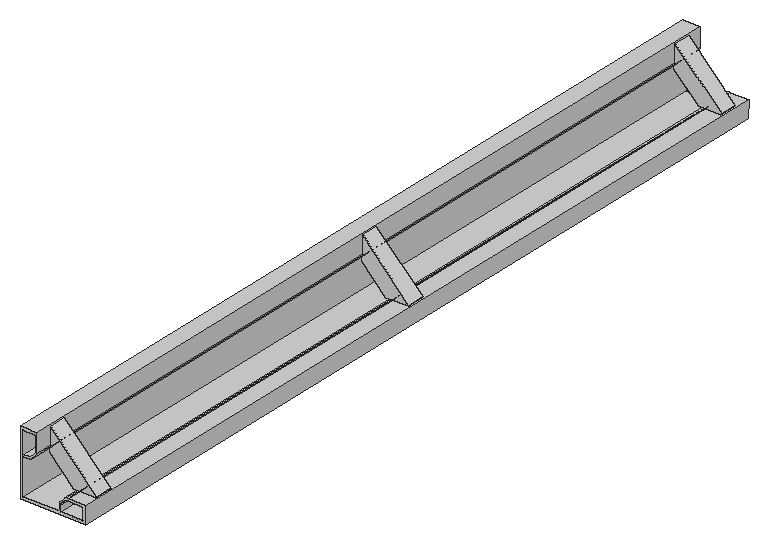
Revit family "ML_ML OUTSIDE CORNER 4'_1920075", category Generic Models, Revit 2018
Family settings
  Can host rebar = No
  Round Connector Dimension = Use Diameter
  Part Type = Normal
  OmniClass Number = 35.51.14.00
  OmniClass Title = FORMWORK
  Work Plane-Based = Yes
  Always vertical = No
  Cut with Voids When Loaded = No
  Shared = Yes
  Room Calculation Point = No
Parameters
  VERSION = "20190101"  # constant formula
  URL = "www.ulmaconstruction.com/en"
  UNICLASS = ""
  ITEM_CODE = "1920075"
  Manufacturer = "ULMA CONSTRUCTION"  # constant formula
  FILTER [instance] = ""
  Default Elevation = 0"
  CLASSIFICATION_TITLE = ""
  CLASSIFICATION_NUMBER = ""
Reference planes (in)
  plane 1 "Centro (Frontal/Posterior)": y = 0
  plane 2: z = 0
  plane 3 "Centro (Izquierda/Derecha)": x = 0
  plane 4 "ITEM_HEIGHT": y = 48
Forms (in)
  Extrusion 1, solid, material "ULMA ZINC", detail levels fine
    sketch origin (0, 0, 0) x (1, 0, 0) y (0, 0, 1)
      loop
        line (0, 3.79921) -> (0, 0) -> (3.79921, 0) -> (3.79921, 0.98425) -> (3.64173, 0.98425) -> (3.64173, 0.15748) -> (0.15748, 0.15748) -> (0.15748, 3.64173) -> (0.98425, 3.64173) -> (0.98425, 3.79921) -> (0, 3.79921)
    from -48 to 0
  Extrusion 2, solid, material "ULMA ZINC", detail levels fine
    sketch origin (0, 0, 0) x (1, 0, 0) y (0, 0, 1)
      loop
        line (0.15748, 2.3622) -> (0.15748, 2.26378) -> (0.54838, 2.26378)
        arc (0.54838, 2.26378) -> (0.62371, 2.27876) -> (0.68758, 2.32144) r 0.19685
        line (0.68758, 2.32144) -> (0.9266, 2.56045)
        arc (0.9266, 2.56045) -> (0.96927, 2.62432) -> (0.98425, 2.69965) r 0.19685
        line (0.98425, 2.69965) -> (0.98425, 3.64173) -> (0.88583, 3.64173) -> (0.88583, 2.69965)
        arc (0.88583, 2.69965) -> (0.87833, 2.66198) -> (0.857, 2.63005) r 0.09843
        line (0.857, 2.63005) -> (0.61798, 2.39103)
        arc (0.61798, 2.39103) -> (0.58605, 2.3697) -> (0.54838, 2.3622) r 0.09843
        line (0.54838, 2.3622) -> (0.15748, 2.3622)
      loop
        line (2.69965, 0.88583) -> (3.64173, 0.88583) -> (3.64173, 0.98425) -> (2.69965, 0.98425)
        arc (2.69965, 0.98425) -> (2.62432, 0.96927) -> (2.56045, 0.9266) r 0.19685
        line (2.56045, 0.9266) -> (2.32144, 0.68758)
        arc (2.32144, 0.68758) -> (2.27876, 0.62371) -> (2.26378, 0.54838) r 0.19685
        line (2.26378, 0.54838) -> (2.26378, 0.15748) -> (2.3622, 0.15748) -> (2.3622, 0.54838)
        arc (2.3622, 0.54838) -> (2.3697, 0.58605) -> (2.39103, 0.61798) r 0.09843
        line (2.39103, 0.61798) -> (2.63005, 0.857)
        arc (2.63005, 0.857) -> (2.66198, 0.87833) -> (2.69965, 0.88583) r 0.09843
    from -48 to 0
  Extrusion 3, solid, material "ULMA ZINC", detail levels fine
    sketch origin (1.03993, 1.37795, 47.24409) x (-1, 0, 0) y (0, 0, 1)
      loop
        line (0, -43.5038) -> (-2.70037, -46.20416) -> (-2.64469, -46.25984) -> (-1.3641, -46.25984) -> (0.05568, -44.84006) -> (0.05568, -43.55947) -> (0, -43.5038)
    from -0.49213 to 0.49213
  Extrusion 4, solid, material "ULMA ZINC", detail levels fine
    sketch origin (1.03993, 24, 47.24409) x (-1, 0, 0) y (0, 0, 1)
      loop
        line (0, -43.5038) -> (-2.70037, -46.20416) -> (-2.64469, -46.25984) -> (-1.3641, -46.25984) -> (0.05568, -44.84006) -> (0.05568, -43.55947) -> (0, -43.5038)
    from -0.49213 to 0.49213
  Extrusion 5, solid, material "ULMA ZINC", detail levels fine
    sketch origin (1.03993, 46.62205, 47.24409) x (-1, 0, 0) y (0, 0, 1)
      loop
        line (0, -43.5038) -> (-2.70037, -46.20416) -> (-2.64469, -46.25984) -> (-1.3641, -46.25984) -> (0.05568, -44.84006) -> (0.05568, -43.55947) -> (0, -43.5038)
    from -0.49213 to 0.49213
  Extrusion 6, solid, material "ULMA ZINC", detail levels coarse+medium
    sketch origin (0, 0, 0) x (1, 0, 0) y (0, 0, 1)
      loop
        line (0, 3.79921) -> (0, 0) -> (3.79921, 0) -> (3.79921, 0.98425) -> (0.98425, 0.98425) -> (0.98425, 3.79921) -> (0, 3.79921)
    from 0 to -48
Cuts and joins
  joined: Extrusion 1, Extrusion 2
Lines and regions (in)
  model lines, style "ULMA PANELS", detail levels fine
    curve 1: circle (1.5, 6, 0) r 0.3937 normal (0, 0, 1)
    curve 2: circle (1.5, 18, 0) r 0.3937 normal (0, 0, 1)
    curve 3: circle (1.5, 30, 0) r 0.3937 normal (0, 0, 1)
    curve 4: circle (1.5, 42, 0) r 0.3937 normal (0, 0, 1)
    curve 5: circle (1.5, 6, 0.15748) r 0.3937 normal (0, 0, 1)
    curve 6: circle (1.5, 18, 0.15748) r 0.3937 normal (0, 0, 1)
    curve 7: circle (1.5, 30, 0.15748) r 0.3937 normal (0, 0, 1)
    curve 8: circle (1.5, 42, 0.15748) r 0.3937 normal (0, 0, 1)
    curve 9: circle (0, 42, 1.5) r 0.3937 normal (1, 0, 0)
    curve 10: circle (0, 30, 1.5) r 0.3937 normal (1, 0, 0)
    curve 11: circle (0, 18, 1.5) r 0.3937 normal (1, 0, 0)
    curve 12: circle (0, 6, 1.5) r 0.3937 normal (1, 0, 0)
    curve 13: circle (0.15748, 42, 1.5) r 0.3937 normal (1, 0, 0)
    curve 14: circle (0.15748, 30, 1.5) r 0.3937 normal (1, 0, 0)
    curve 15: circle (0.15748, 18, 1.5) r 0.3937 normal (1, 0, 0)
    curve 16: circle (0.15748, 6, 1.5) r 0.3937 normal (1, 0, 0)
Dimensions and locks (in)
  aligned and locked: level to plane 2
